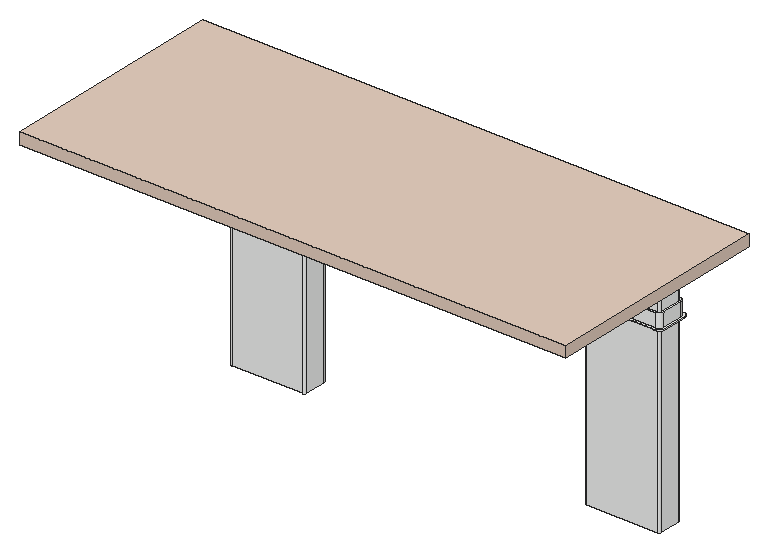
Revit family "Table-Height_Adjustable-Teknion-BH_CB_Cross_Grain_Height_Adjustable_Rectangular_Worksurface_Mid_Height-R2018", category Furniture, Revit 2018 (continued)
Automatic sketch dimensions
  curve 23 to curve 116 = 0.08268"
  curve 3 to curve 120 = 0.08268"
  curve 115 to curve 24 = 0.16732"
  curve 120 to curve 106 = 0.16732"
  curve 113 to curve 14 = 0.250"
  curve 110 to plane 10 = 0.25024"
  curve 116 to plane 10 = 0.08292"
  curve 119 to plane 10 = 0.08292"
  curve 40 to curve 41 = 0.52362"
  curve 97 to curve 96 = 0.41339"
  curve 91 to curve 92 = 0.41339"
  curve 55 to curve 93 = 0.11456"
  curve 96 to curve 70 = 0.07835"
  curve 101 to curve 101 = 0.41339"
  curve 99 to curve 99 = 0.41339"
  curve 79 to curve 98 = 0.11556"
  curve 82 to curve 102 = 0.11556"
  plane 11 to curve 132 = 0.08292"
  plane 11 to curve 137 = 0.08292"
  curve 137 to curve 129 = 0.16732"
  curve 131 to curve 10 = 0.16732"
  curve 26 to curve 26 = 0.250"
  curve 127 to curve 5 = 0.250"
  curve 124 to curve 132 = 0.16732"
  curve 135 to curve 5 = 0.08268"
Nested families (in)
  nested 1: "Teknion_2D_Node_Family-R2016" at (0, 12, 0), visible <- "Connection Node Visibility", type "Teknion_2D_Node_Family-R2016"
Definition of nested family "Teknion_2D_Node_Family-R2016"
  Reference planes (in)
    plane 1 "Center (Front/Back)": y = 0
    plane 2: z = 0
    plane 3 "Center (Left/Right)": x = 0
  Lines and regions (in)
    detail lines, in view "Ref. Level"
      curve 1: circle (0, 0, 0) r 1.25 normal (0, 0, 1)
      curve 2: line (1.91508, -1.91508, 0) -> (-1.91508, 1.91508, 0)
      curve 3: line (-1.91508, -1.91508, 0) -> (1.91508, 1.91508, 0)
Types (7): name | Worksurface Thickness | Width | Model | Description | Depth
  (no name) | 1.189" | 58.000" | "BHMCBK24_" | "Cross Grain Height-Adjustable Rectangular Worksurface - Mid-Height, 1 3/16\" Worksurface Thickness, Mid-Height Configuration, 24\" Depth" | 24.000"
  1 3/16" Worksurface Thickness, 27" Depth | 1.189" | 68.000" | "BHMCBK27_" | "Cross Grain Height-Adjustable Rectangular Worksurface - Mid-Height, 1 3/16\" Worksurface Thickness, Mid-Height Configuration, 27\" Depth" | 27.000"
  1 3/16" Worksurface Thickness, 24" Depth | 1.189" | 58.000" | "BHMCBK24_" | "Cross Grain Height-Adjustable Rectangular Worksurface - Mid-Height, 1 3/16\" Worksurface Thickness, Mid-Height Configuration, 24\" Depth" | 24.000"
  1 3/16" Worksurface Thickness, 21" Depth | 1.189" | 58.000" | "BHMCBK21_" | "Cross Grain Height-Adjustable Rectangular Worksurface - Mid-Height, 1 3/16\" Worksurface Thickness, Mid-Height Configuration, 21\" Depth" | 21.000"
  1 9/16" Worksurface Thickness, 24" Depth | 1.555" | 58.000" | "BHXCBK24_" | "Cross Grain Height-Adjustable Rectangular Worksurface - Mid-Height, 1 9/16\" Worksurface Thickness, Mid-Height Configuration, 24\" Depth" | 24.000"
  1 9/16" Worksurface Thickness, 21" Depth | 1.555" | 58.000" | "BHXCBK21_" | "Cross Grain Height-Adjustable Rectangular Worksurface - Mid-Height, 1 9/16\" Worksurface Thickness, Mid-Height Configuration, 21\" Depth" | 21.000"
  1 9/16" Worksurface Thickness, 27" Depth | 1.555" | 58.000" | "BHXCBK27_" | "Cross Grain Height-Adjustable Rectangular Worksurface - Mid-Height, 1 9/16\" Worksurface Thickness, Mid-Height Configuration, 27\" Depth" | 27.000"
